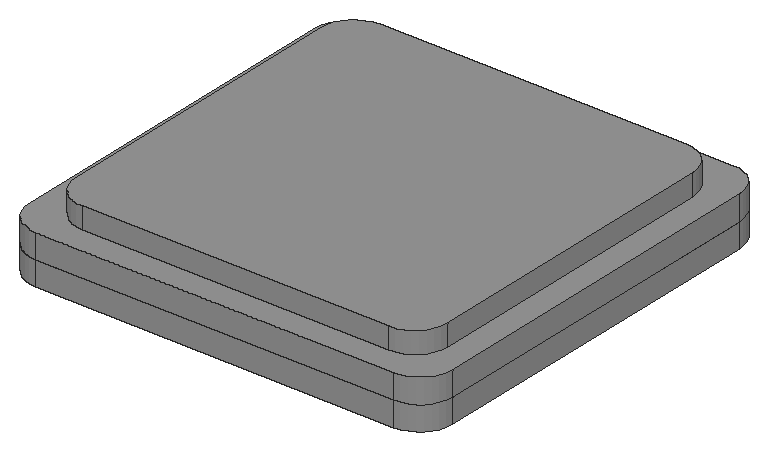
Revit family "FMS2_63_UN_Surface-mounted_ETK", category Lighting Fixtures, Revit 2019 (continued)
Definition of nested family "FMS.2 - Lightsource"
  Types (14, lengths in mm): name | Wattage Comments | Wattage | built-in parameter 1150134 | Photometric Web File | built-in parameter 1150142 | built-in parameter 1150105 | Lumens | built-in parameter 1150107 | built-in parameter 1150106 | Apparent Load
      \t312.5304\t304.803\t297.0756\r\n289.6344\t281.907\t274.3513\t266.7956\t259.1541\t251.4267\t243.7565\t236.1436\t228.5593\t221.0036\r\n213.4766\t206.0068\t198.5656\t191.1816\t183.8549\t176.5282\t169.2587\t162.3613\t155.7787\t149.1961\r\n142.6707\t136.174\t129.7058\t123.2663\t116.8841\t110.5018\t104.1482\t97.8232\t91.5268\t80.2791\r\n64.996\t49.7416\t34.4585\t19.1725\t3.8895\t0\t0\t0\t0\t0\r\n0\r\n985.6728\t985.1004\t984.528\t983.9556\t983.097\t982.5246\t981.9522\t981.3798\t980.5212\t979.6626\r\n978.804\t977.9454\t976.8006\t975.3696\t973.9386\t972.5076\t971.0766\t969.6456\t968.2146\t966.4974\r\n964.7802\t963.063\t961.3458\t959.6286\t957.6252\t955.6218\t953.6184\t951.615\t949.3254\t947.0358\r\n944.46\t942.1704\t940.167\t937.5912\t934.7292\t932.1534\t929.5776\t927.0018\t924.1398\t921.2778\r\n917.5572\t913.5504\t909.8298\t905.5368\t901.53\t897.237\t893.2302\t889.2234\t885.2166\t881.496\r\n876.9168\t872.6238\t868.0446\t863.7516\t859.1724\t854.307\t849.4416\t845.1486\t840.8556\t836.2764\r\n831.411\t826.5456\t821.9664\t817.101\t812.5218\t807.6564\t802.791\t797.6394\t792.4878\t787.3362\r\n781.8984\t776.7468\t771.8814\t766.4436\t759.861\t753.5646\t747.2682\t741.258\t735.2478\t728.6652\r\n722.0826\t715.7862\t709.4898\t703.4796\t696.897\t690.6006\t684.018\t677.7216\t671.4252\t664.8426\r\n658.26\t651.6774\t645.0948\t638.226\t631.9296\t625.347\t619.0506\t612.468\t605.8854\t598.7304\r\n591.5754\t584.4204\t576.9792\t569.2518\t561.8106\t554.6556\t547.2144\t540.0594\t532.6182\t525.177\r\n518.022\t510.867\t503.712\t496.557\t489.1158\t481.9608\t474.8058\t467.6508\t460.4958\t452.7684\r\n444.7548\t436.7412\t428.7276\t420.714\t412.7004\t404.6868\t396.6732\t388.9458\t381.2184\t373.491\r\n365.7636\t358.0362\t350.595\t342.8676\t335.1402\t327.4128\t319.113\t311.0994\t303.0858\t295.3584\r\n287.631\t279.8464\t272.1762\t264.506\t256.8931\t249.3088\t241.8104\t234.3119\t226.8135\t219.2006\r\n211.6735\t204.2037\t196.877\t189.5789\t182.338\t175.1258\t167.9422\t160.8158\t153.718\t146.6775\r\n140.0663\t133.7413\t127.4735\t121.2343\t115.0238\t108.8419\t102.6886\t96.5925\t90.5251\t84.4862\r\n77.7319\t62.1626\t46.5934\t31.0241\t15.4348\t0\t0\t0\t0\t0\r\n0\r\n985.6728\t985.1004\t984.528\t983.9556\t983.3832\t982.8108\t982.2384\t981.666\t980.8074\t979.9488\r\n979.0902\t978.2316\t976.8006\t975.3696\t973.9386\t972.7938\t971.3628\t969.9318\t968.2146\t966.4974\r\n964.7802\t963.063\t961.3458\t959.3424\t957.339\t955.3356\t953.046\t951.0426\t948.4668\t945.891\r\n943.6014\t941.598\t938.736\t935.874\t933.2982\t930.4362\t927.8604\t924.9984\t922.1364\t918.9882\r\n915.84\t912.4056\t908.9712\t905.5368\t902.3886\t898.9542\t895.2336\t891.2268\t886.9338\t882.6408\r\n878.0616\t873.7686\t868.617\t863.7516\t859.1724\t854.8794\t850.5864\t845.4348\t840.5694\t835.704\r\n830.8386\t825.9732\t821.1078\t815.9562\t810.8046\t805.3668\t800.2152\t794.7774\t789.6258\t784.7604\r\n779.3226\t773.5986\t768.1608\t763.0092\t757.5714\t751.8474\t745.8372\t740.3994\t734.9616\t729.5238\r\n723.7998\t718.0758\t711.7794\t705.1968\t698.6142\t691.7454\t685.1628\t678.294\t671.7114\t664.8426\r\n658.26\t651.3912\t644.5224\t637.9398\t631.071\t624.2022\t617.0472\t610.1784\t603.0234\t596.1546\r\n589.2858\t582.1308\t575.262\t568.107\t561.5244\t554.6556\t547.7868\t540.6318\t533.1906\t525.4632\r\n517.7358\t510.2946\t502.5672\t495.126\t487.1124\t479.385\t471.9438\t464.2164\t456.7752\t449.334\r\n441.6066\t434.1654\t426.7242\t419.283\t411.8418\t404.6868\t397.2456\t389.5182\t381.2184\t373.2048\r\n364.905\t356.8914\t348.8778\t340.8642\t332.8506\t325.1232\t317.1096\t309.3822\t301.6548\t293.9274\r\n286.4862\t278.9019\t271.06\t263.1323\t255.2332\t247.4485\t239.7211\t232.1082\t224.5811\t217.1399\r\n209.7274\t202.4006\t195.1312\t187.8617\t180.6208\t173.4658\t166.3967\t159.3848\t152.4301\t145.5327\r\n138.6925\t131.9096\t125.1839\t118.8016\t112.7628\t106.7812\t100.8283\t94.9612\t89.0941\t83.2842\r\n77.503\t71.779\t60.6172\t44.5327\t28.4282\t12.3238\t0\t0\t0\t0\r\n0\r\n985.6728\t985.1004\t984.528\t983.9556\t983.6694\t983.097\t982.5246\t981.9522\t981.0936\t980.5212\r\n979.6626\t978.5178\t977.0868\t975.6558\t974.2248\t973.08\t971.649\t970.218\t968.5008\t966.7836\r\n965.0664\t963.3492\t961.3458\t959.3424\t957.339\t955.3356\t953.046\t950.4702\t947.8944\t945.6048\r\n943.3152\t940.4532\t937.5912\t935.0154\t932.4396\t929.5776\t926.7156\t923.5674\t920.4192\t916.9848\r\n913.5504\t910.116\t906.6816\t903.2472\t900.099\t896.6646\t892.944\t889.5096\t885.5028\t881.7822\r\n877.4892\t873.1962\t869.1894\t865.755\t861.462\t856.8828\t852.0174\t847.152\t842.0004\t837.135\r\n831.9834\t826.8318\t821.394\t816.2424\t811.0908\t805.653\t800.5014\t795.0636\t789.3396\t783.6156\r\n778.464\t773.0262\t767.016\t761.0058\t755.2818\t749.5578\t743.8338\t738.1098\t732.0996\t726.0894\r\n720.0792\t714.069\t708.0588\t702.0486\t696.0384\t690.0282\t683.7318\t677.7216\t671.4252\t665.1288\r\n659.1186\t652.8222\t646.2396\t639.657\t633.0744\t626.2056\t618.7644\t611.6094\t604.1682\t597.0132\r\n589.8582\t582.417\t574.9758\t567.5346\t560.3796\t552.9384\t545.4972\t538.056\t530.6148\t523.1736\r\n515.7324\t508.5774\t501.1362\t493.695\t486.2538\t478.8126\t471.6576\t464.2164\t456.7752\t449.334\r\n441.3204\t433.3068\t425.2932\t417.5658\t409.5522\t401.8248\t393.8112\t386.0838\t378.0702\t370.3428\r\n362.9016\t355.1742\t347.733\t340.0056\t332.2782\t324.837\t317.1096\t308.8098\t300.7962\t292.7826\r\n284.7404\t276.7554\t268.8563\t261.043\t253.3442\t245.7027\t238.1184\t230.6772\t223.2932\t215.6517\r\n208.1246\t200.7121\t193.3567\t186.0872\t178.8178\t171.6914\t164.6222\t157.6962\t150.856\t144.0158\r\n137.2329\t130.5358\t123.8387\t117.1703\t110.5304\t103.9192\t97.4511\t91.4123\t85.4021\t79.4777\r\n73.6393\t67.8294\t62.1054\t56.41\t41.3273\t25.24\t9.1813\t0\t0\t0\r\n0\r\n985.6728\t985.1004\t984.8142\t984.2418\t983.6694\t983.3832\t982.8108\t982.2384\t981.666\t980.8074\r\n979.9488\t978.804\t977.373\t975.942\t974.7972\t973.3662\t971.9352\t970.5042\t968.787\t967.0698\r\n965.6388\t963.6354\t961.632\t959.6286\t957.6252\t955.6218\t953.046\t950.4702\t948.1806\t946.1772\r\n943.029\t940.167\t937.5912\t934.7292\t932.1534\t929.2914\t926.1432\t922.7088\t919.5606\t916.1262\r\n912.6918\t908.9712\t905.5368\t902.3886\t898.668\t895.2336\t891.513\t887.5062\t883.4994\t879.2064\r\n874.9134\t871.1928\t867.186\t862.893\t858.3138\t854.0208\t849.4416\t844.8624\t840.5694\t835.704\r\n830.8386\t826.2594\t821.394\t816.5286\t811.6632\t806.7978\t801.36\t796.2084\t791.343\t785.9052\r\n779.895\t773.8848\t768.1608\t762.4368\t756.4266\t750.7026\t744.6924\t738.396\t732.0996\t725.8032\r\n719.793\t713.7828\t707.4864\t701.19\t694.6074\t688.311\t682.0146\t675.7182\t669.1356\t662.2668\r\n655.6842\t649.1016\t642.519\t635.9364\t629.0676\t622.485\t615.9024\t609.0336\t601.8786\t595.0098\r\n588.4272\t581.5584\t574.4034\t567.5346\t560.3796\t553.5108\t546.642\t539.487\t532.6182\t525.4632\r\n518.022\t510.2946\t502.5672\t494.8398\t487.1124\t479.0988\t471.0852\t463.3578\t455.3442\t447.6168\r\n439.8894\t432.162\t424.1484\t416.1348\t408.4074\t400.68\t392.9526\t385.2252\t377.4978\t369.7704\r\n362.043\t354.3156\t346.302\t338.2884\t330.2748\t322.2612\t314.2476\t305.9478\t298.2204\t290.493\r\n282.737\t275.0382\t267.4253\t259.8696\t252.3998\t244.9872\t237.5174\t229.6755\t221.8622\t214.1348\r\n206.5219\t198.9949\t191.6109\t184.37\t177.2723\t170.289\t163.1912\t155.9218\t148.6523\t141.4114\r\n134.1992\t126.9583\t119.7461\t112.5338\t105.4075\t98.3097\t91.3837\t84.6293\t78.0181\t71.6072\r\n65.9691\t60.6744\t55.4656\t50.3712\t45.3627\t37.9787\t22.1662\t6.3937\t0\t0\r\n0\r\n985.6728\t985.3866\t984.8142\t984.528\t983.9556\t983.6694\t983.097\t982.5246\t981.9522\t981.3798\r\n980.5212\t979.3764\t977.9454\t976.5144\t975.3696\t973.9386\t972.7938\t971.0766\t969.6456\t967.9284\r\n966.2112\t964.494\t962.4906\t960.4872\t958.4838\t956.1942\t953.3322\t951.0426\t949.0392\t946.4634\r\n943.6014\t940.7394\t938.1636\t935.3016\t932.7258\t929.5776\t926.4294\t922.995\t919.5606\t916.1262\r\n912.6918\t909.2574\t905.5368\t902.1024\t898.668\t894.9474\t890.9406\t887.22\t882.927\t878.634\r\n874.6272\t870.6204\t866.0412\t861.7482\t857.169\t852.5898\t848.0106\t843.7176\t838.8522\t833.9868\r\n829.1214\t824.256\t819.3906\t814.5252\t809.0874\t803.9358\t798.498\t793.3464\t787.9086\t782.4708\r\n777.033\t771.8814\t766.1574\t760.4334\t754.7094\t748.9854\t743.2614\t737.2512\t731.241\t725.517\r\n719.793\t713.4966\t707.4864\t701.4762\t695.1798\t689.1696\t682.8732\t676.2906\t669.708\t663.4116\r\n657.1152\t650.2464\t643.3776\t636.795\t629.9262\t622.7712\t615.6162\t609.0336\t602.1648\t594.7236\r\n587.2824\t580.1274\t572.9724\t565.8174\t558.6624\t551.5074\t544.3524\t536.9112\t529.1838\t521.7426\r\n514.5876\t507.1464\t499.419\t491.9778\t484.5366\t477.0954\t469.6542\t462.213\t454.4856\t447.0444\r\n439.317\t431.8758\t424.1484\t416.7072\t408.9798\t401.5386\t393.8112\t386.0838\t378.3564\t370.9152\r\n362.6154\t354.3156\t346.0158\t338.0022\t329.9886\t321.6888\t313.6752\t305.6616\t297.9342\t289.9206\r\n281.8498\t273.922\t266.0801\t258.3241\t250.6826\t243.1269\t235.5712\t227.8438\t220.0306\t212.3604\r\n204.7761\t197.3921\t190.094\t182.8818\t175.7554\t168.8294\t162.0178\t154.9487\t147.3071\t139.637\r\n131.881\t124.0105\t116.1113\t108.1836\t100.399\t92.8433\t85.5166\t78.4188\t71.55\t65.1677\r\n59.272\t53.6053\t48.1961\t43.1876\t39.0949\t35.1454\t31.3103\t21.0157\t4.3302\t0\r\n0\r\n985.6728\t985.3866\t984.8142\t984.528\t984.2418\t983.9556\t983.3832\t983.097\t982.5246\t981.666\r\n981.0936\t979.6626\t978.5178\t977.0868\t975.942\t974.7972\t973.3662\t971.9352\t970.5042\t969.0732\r\n967.356\t965.3526\t963.3492\t961.632\t959.6286\t957.0528\t954.477\t952.1874\t950.184\t947.322\r\n944.46\t941.8842\t939.3084\t936.7326\t934.1568\t930.7224\t927.288\t924.1398\t920.7054\t917.271\r\n913.8366\t910.116\t906.6816\t903.2472\t899.5266\t895.806\t892.0854\t888.0786\t884.0718\t879.7788\r\n875.4858\t871.1928\t866.8998\t862.3206\t857.7414\t853.1622\t848.8692\t844.29\t839.4246\t834.5592\r\n829.6938\t824.8284\t819.6768\t814.5252\t809.3736\t803.9358\t798.498\t793.0602\t787.6224\t782.4708\r\n777.3192\t771.5952\t765.585\t759.861\t754.137\t748.413\t742.4028\t736.3926\t730.3824\t724.3722\r\n718.362\t712.3518\t706.0554\t699.759\t693.4626\t686.88\t680.5836\t674.001\t667.7046\t661.122\r\n654.2532\t647.6706\t641.088\t634.5054\t627.6366\t620.7678\t614.1852\t607.3164\t600.1614\t593.0064\r\n586.1376\t578.9826\t572.1138\t564.9588\t557.8038\t550.6488\t543.2076\t535.7664\t528.3252\t521.1702\r\n513.729\t506.574\t499.1328\t491.6916\t484.2504\t476.523\t468.7956\t461.3544\t453.627\t446.1858\r\n438.4584\t430.731\t423.2898\t415.5624\t407.835\t400.1076\t392.3802\t384.3666\t376.353\t368.3394\r\n360.612\t352.5984\t344.871\t336.8574\t328.5576\t320.544\t312.8166\t305.0892\t297.0756\t289.062\r\n281.077\t273.1493\t265.3074\t257.5228\t249.7954\t242.1538\t234.5409\t226.9852\t219.4868\t212.0742\r\n204.7189\t197.3635\t190.094\t182.9963\t175.4692\t167.9422\t160.501\t153.346\t146.2196\t139.3794\r\n132.6537\t126.0139\t119.4599\t112.6197\t104.4344\t96.1918\t88.0065\t79.8498\t71.8934\t64.4809\r\n57.3831\t50.8005\t44.8189\t39.5242\t34.6588\t30.4517\t26.6338\t24.0465\t22.2893\t3.1396\r\n0\r\n985.6728\t985.3866\t985.1004\t984.8142\t984.528\t984.2418\t983.9556\t983.3832\t982.8108\t982.2384\r\n981.666\t980.5212\t979.0902\t977.9454\t976.8006\t975.6558\t974.511\t973.08\t971.649\t970.218\r\n968.787\t966.7836\t964.7802\t963.063\t961.3458\t958.4838\t955.908\t953.9046\t951.9012\t949.0392\r\n946.1772\t943.6014\t941.0256\t938.736\t936.1602\t932.7258\t929.2914\t926.1432\t922.995\t919.5606\r\n915.84\t912.4056\t908.9712\t905.5368\t902.1024\t898.3818\t894.6612\t890.6544\t886.9338\t882.3546\r\n878.0616\t873.7686\t869.4756\t864.8964\t860.3172\t856.0242\t851.7312\t847.152\t842.2866\t837.4212\r\n832.5558\t827.6904\t822.825\t817.3872\t812.2356\t806.7978\t801.36\t795.9222\t790.7706\t785.619\r\n780.4674\t774.4572\t768.447\t763.0092\t757.2852\t751.5612\t745.551\t739.5408\t733.5306\t727.5204\r\n721.5102\t715.5\t709.2036\t702.621\t696.0384\t690.0282\t684.018\t677.4354\t670.8528\t663.984\r\n657.1152\t650.8188\t644.2362\t637.3674\t630.4986\t623.6298\t617.0472\t609.8922\t603.0234\t595.8684\r\n588.7134\t581.8446\t574.6896\t567.5346\t560.3796\t553.2246\t545.7834\t538.3422\t530.901\t523.4598\r\n516.0186\t508.8636\t501.7086\t493.9812\t486.54\t478.8126\t471.0852\t463.0716\t455.3442\t447.903\r\n440.1756\t432.4482\t424.7208\t416.7072\t408.9798\t400.9662\t393.2388\t385.2252\t377.4978\t369.198\r\n361.1844\t353.457\t345.7296\t338.0022\t329.9886\t321.975\t314.2476\t306.234\t298.2204\t290.2068\r\n281.9642\t274.2082\t266.4808\t258.6389\t250.7684\t243.0697\t235.3423\t227.7293\t220.1164\t212.4749\r\n204.8333\t197.3635\t189.8937\t182.4239\t174.9541\t167.7418\t160.5296\t153.5177\t146.5058\t139.6942\r\n132.8827\t126.3573\t119.8033\t113.4497\t107.1247\t100.771\t94.446\t88.6934\t82.9408\t77.3312\r\n71.7503\t66.5987\t61.4471\t56.5245\t51.5732\t47.3661\t43.159\t40.4114\t37.6353\t36.9198\r\n19.8108\r\n985.6728\t985.3866\t984.8142\t984.528\t984.2418\t983.9556\t983.3832\t982.8108\t982.2384\t981.666\r\n981.0936\t979.6626\t978.2316\t977.0868\t975.6558\t974.511\t973.3662\t971.649\t970.218\t968.787\r\n967.0698\t965.0664\t963.063\t961.3458\t959.3424\t956.7666\t953.9046\t951.9012\t949.8978\t947.0358\r\n944.1738\t941.3118\t938.736\t936.1602\t933.5844\t930.15\t926.7156\t923.5674\t920.4192\t916.9848\r\n913.2642\t909.5436\t906.1092\t902.3886\t898.9542\t895.2336\t891.513\t887.5062\t883.4994\t879.2064\r\n874.9134\t870.3342\t866.0412\t861.462\t856.8828\t852.3036\t848.0106\t843.4314\t838.566\t833.7006\r\n828.8352\t823.6836\t818.8182\t813.6666\t808.2288\t802.791\t797.6394\t792.2016\t786.7638\t781.6122\r\n776.1744\t770.4504\t764.7264\t759.0024\t753.2784\t747.2682\t741.5442\t735.534\t729.5238\t723.5136\r\n717.5034\t711.207\t704.9106\t698.328\t692.0316\t685.7352\t679.4388\t673.1424\t666.5598\t659.691\r\n653.1084\t646.5258\t639.9432\t633.3606\t626.4918\t619.623\t612.7542\t605.8854\t599.0166\t591.8616\r\n584.7066\t577.5516\t570.3966\t563.5278\t556.3728\t549.2178\t542.0628\t534.6216\t527.4666\t520.0254\r\n512.5842\t505.4292\t497.7018\t490.2606\t482.8194\t475.3782\t467.6508\t460.2096\t452.4822\t444.7548\r\n437.0274\t429.5862\t421.8588\t414.1314\t406.404\t398.6766\t390.9492\t382.9356\t374.922\t366.9084\r\n359.181\t351.4536\t343.44\t335.4264\t327.1266\t319.113\t311.0994\t303.372\t295.3584\t287.3448\r\n279.4457\t271.6324\t263.7905\t255.9773\t248.2499\t240.5797\t232.9668\t225.4397\t217.9127\t210.4142\r\n202.973\t195.6749\t188.4341\t181.3649\t173.8379\t166.4253\t159.0986\t151.915\t144.8172\t137.8625\r\n131.0224\t124.4111\t118.0003\t111.7039\t105.293\t99.0252\t93.0722\t87.3482\t81.8818\t76.072\r\n70.4052\t64.996\t59.8158\t54.8932\t50.314\t45.9637\t41.9283\t39.3811\t37.807\t5.3748\r\n0\r\n985.6728\t985.1004\t984.8142\t984.2418\t983.9556\t983.3832\t983.097\t982.2384\t981.666\t980.8074\r\n980.235\t978.804\t977.373\t976.2282\t974.7972\t973.6524\t972.2214\t970.7904\t969.0732\t967.6422\r\n965.925\t963.9216\t961.9182\t959.9148\t957.9114\t955.3356\t952.7598\t950.184\t948.1806\t945.6048\r\n942.4566\t939.8808\t937.0188\t934.443\t931.8672\t928.719\t925.2846\t921.8502\t918.702\t915.2676\r\n911.547\t908.1126\t904.392\t900.6714\t897.237\t893.5164\t889.7958\t885.789\t881.7822\t877.7754\r\n873.4824\t868.9032\t864.324\t859.7448\t855.1656\t850.8726\t846.2934\t841.7142\t837.135\t832.5558\r\n827.4042\t822.5388\t817.3872\t812.5218\t807.084\t801.9324\t796.4946\t791.343\t785.9052\t780.4674\r\n775.0296\t769.878\t764.154\t758.7162\t752.9922\t747.2682\t741.258\t735.534\t729.5238\t723.5136\r\n717.5034\t711.7794\t705.483\t698.9004\t692.604\t686.5938\t680.2974\t674.001\t667.7046\t661.122\r\n654.5394\t648.243\t641.3742\t634.5054\t627.3504\t620.4816\t613.3266\t606.1716\t599.0166\t592.1478\r\n584.9928\t577.8378\t570.3966\t563.2416\t555.8004\t548.6454\t541.4904\t534.0492\t526.8942\t519.453\r\n512.0118\t504.5706\t497.1294\t489.6882\t481.9608\t474.5196\t467.0784\t459.6372\t451.9098\t444.1824\r\n436.7412\t429.0138\t421.5726\t413.8452\t406.404\t398.6766\t390.9492\t383.2218\t375.4944\t368.0532\r\n360.0396\t351.4536\t343.1538\t335.1402\t327.1266\t318.8268\t310.8132\t302.7996\t294.786\t286.7724\r\n278.7302\t270.8597\t263.1037\t255.4049\t247.6489\t239.9787\t232.3944\t224.6956\t216.8824\t209.2122\r\n201.6279\t194.2153\t186.86\t179.5905\t172.4355\t165.4522\t158.6693\t151.7146\t144.4738\t137.4046\r\n130.45\t123.7243\t117.113\t110.7022\t104.4058\t98.2525\t92.2423\t86.4038\t80.737\t75.1847\r\n69.6611\t64.2519\t58.9858\t54.0632\t49.9419\t45.9351\t42.0428\t28.6772\t5.9272\t0\r\n0\r\n985.6728\t985.1004\t984.528\t984.2418\t983.6694\t983.097\t982.5246\t981.9522\t981.0936\t980.235\r\n979.3764\t978.2316\t976.8006\t975.3696\t973.9386\t972.7938\t971.3628\t969.9318\t968.2146\t966.4974\r\n964.7802\t963.063\t961.0596\t958.77\t956.7666\t954.7632\t951.9012\t949.0392\t947.0358\t944.7462\r\n941.8842\t938.736\t936.1602\t933.5844\t930.7224\t927.8604\t924.7122\t921.2778\t918.1296\t914.6952\r\n911.2608\t907.5402\t904.1058\t900.3852\t896.6646\t892.944\t889.2234\t885.5028\t881.496\t877.7754\r\n873.7686\t869.1894\t864.8964\t860.3172\t855.738\t851.1588\t846.8658\t842.2866\t837.7074\t833.1282\r\n828.549\t823.6836\t818.8182\t813.6666\t808.8012\t803.6496\t798.498\t793.3464\t788.1948\t782.757\r\n777.033\t771.0228\t765.2988\t759.2886\t753.5646\t747.8406\t741.5442\t735.534\t729.2376\t723.2274\r\n716.931\t710.6346\t704.3382\t698.0418\t691.7454\t684.8766\t678.5802\t671.9976\t665.415\t659.1186\r\n652.536\t645.6672\t639.0846\t632.2158\t625.6332\t619.0506\t612.1818\t605.313\t598.4442\t591.5754\r\n584.9928\t578.124\t570.969\t563.814\t556.9452\t550.0764\t542.9214\t535.7664\t528.8976\t522.0288\r\n514.3014\t506.2878\t498.2742\t490.833\t483.1056\t475.092\t467.3646\t459.351\t451.6236\t443.61\r\n435.8826\t428.1552\t420.1416\t412.128\t404.1144\t396.387\t388.6596\t380.9322\t372.9186\t365.1912\r\n357.4638\t349.7364\t342.009\t333.7092\t325.4094\t317.3958\t309.6684\t301.6548\t293.6412\t285.8566\r\n278.0719\t270.3731\t262.7602\t255.1473\t247.5916\t240.0646\t232.3658\t224.2377\t216.3672\t208.6398\r\n200.9696\t193.3567\t185.8869\t178.5029\t171.2621\t164.1071\t157.0093\t150.026\t143.1572\t136.4029\r\n12
